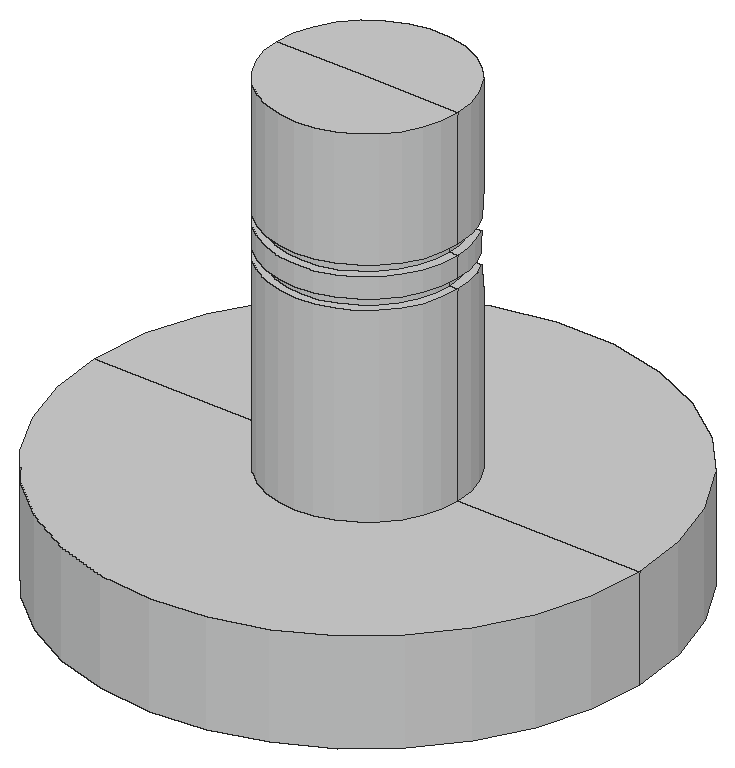
Revit family "Robe_Hook-Grohe-Essentials-40364_Series", category Specialty Equipment, host Face, Revit 2019
Family settings
  Host = Face
  Round Connector Dimension = Use Diameter
  Part Type = Normal
  OmniClass Number = 23.40.20.21.31
  OmniClass Title = Robe Hooks
  Cut with Voids When Loaded = No
  Shared = Yes
  Room Calculation Point = No
Parameters (values of type "40364001")
  URL = "https://www.grohe.us"
  Type Comments = ""
  Revised Date = "01/15/2021"  # constant formula
  Product Page URL = "https://www.grohe.us/Robe-Hooks/Robe-Hook/GROHE-CHROME-40364001"
  Product Documentation Link = "https://americanstandard.box.com/shared/static/fa295s7waolew6fpz3ol74lda4mim0pr.pdf"
  Price = "Prices may vary. Please consult Manufacturer Representative for most up-to-date price list."  # constant formula
  Model = "40364001"
  Material = "Metal-Grohe-001-StarLight Chrome"
  Manufacturer = "Grohe"  # constant formula
  Length = 1 3/4"  # constant formula
  Installation Type = "Wall Mounted"  # constant formula
  Height = 2 1/8"  # constant formula
  Finish = Metal-Grohe-001-StarLight Chrome
  Description = "Essentials Robe Hook"  # constant formula
  Default Elevation = 0"  # constant formula
  Creation Date = "09/05/2019"  # constant formula
  Assembly Code = "C1030200"
Types (5): name | Product Page URL | Product Documentation Link | Model | Material | Finish
  40364A01 | "https://www.grohe.us/Robe-Hooks/Robe-Hook/GROHE-HARD-GRAPHITE-40364A01" | "https://americanstandard.box.com/shared/static/xpvywoqdg6kuw1yqafg3w0ru5q8dhxft.pdf" | "40364A01" | "Metal-Grohe-A01-Hard Graphite" | Metal-Grohe-A01-Hard Graphite
  40364BE1 | "https://www.grohe.us/Robe-Hooks/Robe-Hook/GROHE-POLISHED-NICKEL-40364BE1" | "https://americanstandard.box.com/shared/static/xpvywoqdg6kuw1yqafg3w0ru5q8dhxft.pdf" | "40364BE1" | "Metal-Grohe-BE1-Polished Nickel Infinity Finish" | Metal-Grohe-BE1-Polished Nickel Infinity Finish
  40364GN1 | "https://www.grohe.us/Robe-Hooks/Robe-Hook/GROHE-BRUSHED-COOL-SUNRISE-40364GN1" | "https://americanstandard.box.com/shared/static/xpvywoqdg6kuw1yqafg3w0ru5q8dhxft.pdf" | "40364GN1" | "Metal-Grohe-GN1-Brushed Cool Sunset" | Metal-Grohe-GN1- Brushed Cool Sunrise
  40364001 | "https://www.grohe.us/Robe-Hooks/Robe-Hook/GROHE-CHROME-40364001" | "https://americanstandard.box.com/shared/static/fa295s7waolew6fpz3ol74lda4mim0pr.pdf" | "40364001" | "Metal-Grohe-001-StarLight Chrome" | Metal-Grohe-001-StarLight Chrome
  40364EN1 | "https://www.grohe.us/Robe-Hooks/Robe-Hook/GROHE-BRUSHED-NICKEL-40364EN1" | "https://americanstandard.box.com/shared/static/xpvywoqdg6kuw1yqafg3w0ru5q8dhxft.pdf" | "40364EN1" | "Metal-Grohe-EN1-Brushed Nickel Infinity Finish" | Metal-Grohe-EN1-Brushed Nickel Infinity Finish
Reference planes (in)
  plane 1 "Center (Front/Back)": y = 0
  plane 2: z = 0
  plane 3 "Center (Left/Right)": x = 0
  plane 4: z = 1.75
  plane 5: x = -1.0625
  plane 6: x = 1.0625
Forms (in)
  Revolve 1, solid, material "Metal-Grohe-001-StarLight Chrome" <- "Finish"
    sketch origin (0, 0, 0) x (1, 0, 0) y (0, 0, 1)
      loop
        line (0, 1.75) -> (-0.35433, 1.75) -> (-0.35433, 1.29134) -> (-0.32145, 1.29134) -> (-0.32145, 1.25197) -> (-0.35433, 1.25197) -> (-0.35433, 1.17323) -> (-0.32145, 1.17323) -> (-0.32145, 1.13386) -> (-0.35433, 1.13386) -> (-0.35433, 0.3937) -> (-1.0625, 0.3937) -> (-1.0625, 0) -> (0, 0) -> (0, 1.75)
      axis (0, 1.75) -> (0, 0)
    angle from 0 to 360
  Extrusion 2, void
    sketch origin (0, 0, 0) x (0, 1, 0) y (0, 0, 1)
      loop
        arc (0.15832, 1.17447) -> (0.21729, 1.00183) -> (0.35433, 0.88141) r 0.35433
        arc (0.35433, 0.88141) -> (0.80634, 1.39581) -> (0.15832, 1.17447) r 0.35433
    from -1.0625 to 1.0625
Cuts and joins
  Extrusion 2 cuts Revolve 1
Lines and regions (in)
  Masking region 1
    outline origin (0, 0, 0) x (1, 0, 0) y (0, 0, 1)
      loop
        line (1.0625, 0.3937) -> (0.35433, 0.3937) -> (0.35433, 1.13386) -> (0.32145, 1.13386) -> (0.32145, 1.17323) -> (0.35433, 1.17323) -> (0.35433, 1.25197) -> (0.32145, 1.25197) -> (0.32145, 1.29134) -> (0.35433, 1.29134) -> (0.35433, 1.75) -> (-0.35433, 1.75) -> (-0.35433, 1.29134) -> (-0.32145, 1.29134) -> (-0.32145, 1.25197) -> (-0.35433, 1.25197) -> (-0.35433, 1.17323) -> (-0.32145, 1.17323) -> (-0.32145, 1.13386) -> (-0.35433, 1.13386) -> (-0.35433, 0.3937) -> (-1.0625, 0.3937) -> (-1.0625, 0) -> (1.0625, 0) -> (1.0625, 0.3937)
  symbolic lines, detail levels medium+fine
    curve 1: line (0.35433, 0, 0.3937) -> (-0.35433, 0, 0.3937)
    curve 2: line (0.31101, 0, 1.29134) -> (-0.31101, 0, 1.29134)
    curve 3: line (0, 0, 0.88141) -> (0.31436, 0, 1.13386)
    curve 4: line (-0.31436, 0, 1.13386) -> (0, 0, 0.88141)
    curve 5: spline (0.27795, 0, 1.25197) -> (0.27764, 0, 1.2553) -> (0.27732, 0, 1.25862) -> (0.27698, 0, 1.26193) -> (0.27661, 0, 1.26523) -> (0.27623, 0, 1.26853) -> (0.27582, 0, 1.27182) -> (0.2754, 0, 1.2751) -> (0.27495, 0, 1.27836) -> (0.27448, 0, 1.28162) -> (0.274, 0, 1.28487) -> (0.27349, 0, 1.28811) -> (0.27297, 0, 1.29134)
    curve 6: spline (0.27678, 0, 1.13386) -> (0.27712, 0, 1.13711) -> (0.27745, 0, 1.14036) -> (0.27776, 0, 1.14362) -> (0.27806, 0, 1.14689) -> (0.27833, 0, 1.15017) -> (0.27858, 0, 1.15345) -> (0.27882, 0, 1.15673) -> (0.27904, 0, 1.16002) -> (0.27923, 0, 1.16332) -> (0.27941, 0, 1.16662) -> (0.27957, 0, 1.16992) -> (0.27972, 0, 1.17323)
    curve 7: line (0.27678, 0, 1.13386) -> (0.32145, 0, 1.13386)
    curve 8: line (0.27972, 0, 1.17323) -> (0.32145, 0, 1.17323)
    curve 9: line (0.27795, 0, 1.25197) -> (0.32145, 0, 1.25197)
    curve 10: line (0.32145, 0, 1.29134) -> (0.27297, 0, 1.29134)
    curve 12: spline (-0.27795, 0, 1.25197) -> (-0.27764, 0, 1.2553) -> (-0.27732, 0, 1.25862) -> (-0.27698, 0, 1.26193) -> (-0.27661, 0, 1.26523) -> (-0.27623, 0, 1.26853) -> (-0.27582, 0, 1.27182) -> (-0.2754, 0, 1.2751) -> (-0.27495, 0, 1.27836) -> (-0.27448, 0, 1.28162) -> (-0.274, 0, 1.28487) -> (-0.27349, 0, 1.28811) -> (-0.27297, 0, 1.29134)
    curve 13: spline (-0.27678, 0, 1.13386) -> (-0.27712, 0, 1.13711) -> (-0.27745, 0, 1.14036) -> (-0.27776, 0, 1.14362) -> (-0.27806, 0, 1.14689) -> (-0.27833, 0, 1.15017) -> (-0.27858, 0, 1.15345) -> (-0.27882, 0, 1.15673) -> (-0.27904, 0, 1.16002) -> (-0.27923, 0, 1.16332) -> (-0.27941, 0, 1.16662) -> (-0.27957, 0, 1.16992) -> (-0.27972, 0, 1.17323)
    curve 14: line (-0.27678, 0, 1.13386) -> (-0.32145, 0, 1.13386)
    curve 15: line (-0.27972, 0, 1.17323) -> (-0.32145, 0, 1.17323)
    curve 16: line (-0.27795, 0, 1.25197) -> (-0.32145, 0, 1.25197)
    curve 17: line (-0.32145, 0, 1.29134) -> (-0.27297, 0, 1.29134)
  symbolic lines, detail levels fine
    curve 11: arc (0.31539, 0, 1.25197) -> (0.31696, 0, 1.2126) -> (0.31539, 0, 1.17323) r 0.49389
    curve 18: arc (-0.31539, 0, 1.25197) -> (-0.31696, 0, 1.2126) -> (-0.31539, 0, 1.17323) r 0.49389
Dimensions and locks (in)
  aligned and locked: plane 2 to host face
  aligned and locked: level to host face
